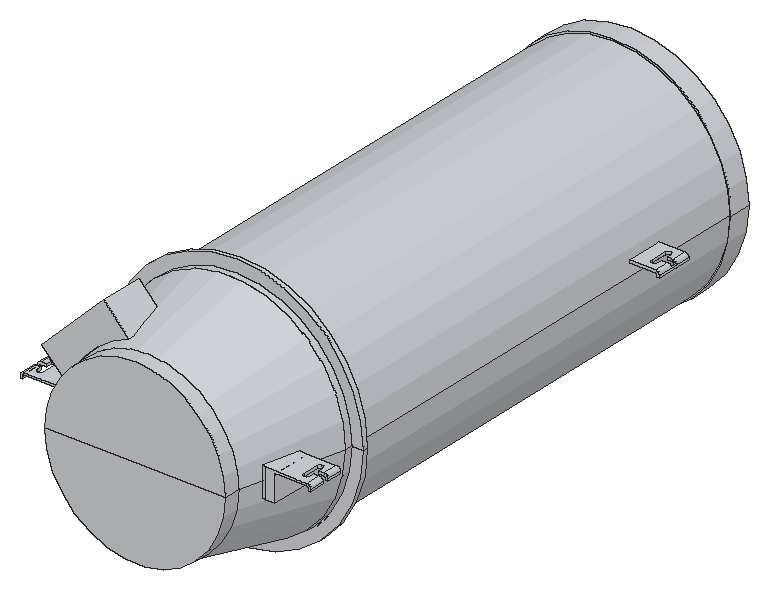
Revit family "FY-28URS2", category Mechanical Equipment, Revit 2024
Family settings
  Round Connector Dimension = Use Diameter
  Part Type = Normal
  OmniClass Number = 23.75.00.00
  OmniClass Title = Climate Control (HVAC)
  Work Plane-Based = No
  Always vertical = Yes
  Cut with Voids When Loaded = No
  Maintain Annotation Orientation = No
  Shared = No
  Room Calculation Point = No
Parameters
  Default Elevation = 0 mm
Reference planes
  plane 1 "Center (Front/Back)": y = 0
  plane 2: z = 0
  plane 3 "Center (Left/Right)": x = 0
  plane 4 "1": y = -441
Forms (mm)
  Revolve 1, solid
    sketch origin (0, 0, 0) x (1, 0, 0) y (0, 1, 0)
      loop
        line (0, -441) -> (124.246, -441) -> (124.246, -419) -> (158.446, -277.02) -> (158.446, -267.22) -> (175.246, -267.22) -> (175.246, -261) -> (160.246, -261) -> (160.246, 381) -> (162.396, 381) -> (162.396, 411) -> (124.746, 411) -> (124.746, 441) -> (0, 441) -> (0, -441)
      axis (0, 441) -> (0, -441)
    angle from 0 to 360
  Extrusion 2, solid
    sketch origin (0, 0, 0) x (1, 0, 0) y (0, 1, 0)
      loop
        line (150.246, -339) -> (143.887, -337.462) -> (131.84, -387.474) -> (138.15, -389) -> (200.246, -389) -> (200.246, -368.5) -> (187.746, -368.5) -> (187.746, -375.498)
        spline (187.746, -375.498) -> (187.708, -376.085) -> (187.593, -376.663) -> (187.404, -377.22) -> (187.144, -377.749) -> (186.817, -378.238) -> (186.429, -378.681) -> (185.986, -379.069) -> (185.497, -379.397) -> (184.969, -379.657) -> (184.411, -379.847) -> (183.834, -379.961) -> (183.246, -380)
        spline (183.246, -380) -> (182.659, -379.961) -> (182.081, -379.847) -> (181.524, -379.657) -> (180.996, -379.397) -> (180.507, -379.07) -> (180.064, -378.682) -> (179.676, -378.239) -> (179.349, -377.75) -> (179.089, -377.222) -> (178.899, -376.665) -> (178.784, -376.087) -> (178.746, -375.5)
        line (178.746, -375.5) -> (178.746, -352.504)
        spline (178.746, -352.504) -> (178.784, -351.916) -> (178.898, -351.339) -> (179.087, -350.781) -> (179.347, -350.252) -> (179.674, -349.763) -> (180.062, -349.32) -> (180.505, -348.931) -> (180.995, -348.604) -> (181.523, -348.343) -> (182.081, -348.153) -> (182.658, -348.039) -> (183.246, -348)
        spline (183.246, -348) -> (183.833, -348.038) -> (184.411, -348.153) -> (184.968, -348.343) -> (185.496, -348.603) -> (185.985, -348.93) -> (186.428, -349.318) -> (186.816, -349.761) -> (187.143, -350.25) -> (187.403, -350.778) -> (187.593, -351.335) -> (187.707, -351.913) -> (187.746, -352.5)
        line (187.746, -352.5) -> (187.746, -359.5) -> (200.246, -359.5) -> (200.246, -339) -> (150.246, -339)
    from -20 to 20
  Extrusion 3, void
    sketch origin (0, 0, 0) x (1, 0, 0) y (0, 0, 1)
      loop
        line (200.246, 20) -> (194.787, 20)
        arc (194.787, 20) -> (198.647, 18.401) -> (200.246, 14.541) r 5.459
        line (200.246, 14.541) -> (200.246, 20)
      loop
        line (196.8, 12) -> (196.8, 14.8)
        arc (196.8, 14.8) -> (196.214, 16.214) -> (194.8, 16.8) r 2
        line (194.8, 16.8) -> (153, 16.8)
        arc (153, 16.8) -> (151.352, 16.307) -> (150.246, 14.99) r 3
        line (150.246, 14.99) -> (150.246, -20) -> (200.246, -20) -> (200.246, 12) -> (196.8, 12)
    from 337.462 to 389
  Extrusion 4, solid
    sketch origin (0, 0, 0) x (-1, 0, 0) y (0, -1, 0)
      loop
        line (150.246, 339) -> (200.246, 339) -> (200.246, 359.5) -> (187.746, 359.5) -> (187.746, 352.5)
        spline (187.746, 352.5) -> (187.707, 351.913) -> (187.593, 351.335) -> (187.403, 350.778) -> (187.143, 350.25) -> (186.816, 349.761) -> (186.428, 349.318) -> (185.985, 348.93) -> (185.496, 348.603) -> (184.968, 348.343) -> (184.411, 348.153) -> (183.833, 348.038) -> (183.246, 348)
        spline (183.246, 348) -> (182.658, 348.039) -> (182.081, 348.153) -> (181.523, 348.343) -> (180.995, 348.604) -> (180.505, 348.931) -> (180.062, 349.32) -> (179.674, 349.763) -> (179.347, 350.252) -> (179.087, 350.781) -> (178.898, 351.339) -> (178.784, 351.916) -> (178.746, 352.504)
        line (178.746, 352.504) -> (178.746, 375.5)
        spline (178.746, 375.5) -> (178.784, 376.087) -> (178.899, 376.665) -> (179.089, 377.222) -> (179.349, 377.75) -> (179.676, 378.239) -> (180.064, 378.682) -> (180.507, 379.07) -> (180.996, 379.397) -> (181.524, 379.657) -> (182.081, 379.847) -> (182.659, 379.961) -> (183.246, 380)
        spline (183.246, 380) -> (183.834, 379.961) -> (184.411, 379.847) -> (184.969, 379.657) -> (185.497, 379.397) -> (185.986, 379.069) -> (186.429, 378.681) -> (186.817, 378.238) -> (187.144, 377.749) -> (187.404, 377.22) -> (187.593, 376.663) -> (187.708, 376.085) -> (187.746, 375.498)
        line (187.746, 375.498) -> (187.746, 368.5) -> (200.246, 368.5) -> (200.246, 389) -> (138.15, 389) -> (131.84, 387.474) -> (143.887, 337.462) -> (150.246, 339)
    from -20 to 20
  Extrusion 5, void
    sketch origin (0, 0, 0) x (-1, 0, 0) y (0, 0, -1)
      loop
        line (200.246, -20) -> (200.246, -14.541)
        arc (200.246, -14.541) -> (198.647, -18.401) -> (194.787, -20) r 5.459
        line (194.787, -20) -> (200.246, -20)
      loop
        line (196.8, -12) -> (200.246, -12) -> (200.246, 20) -> (150.246, 20) -> (150.246, -14.99)
        arc (150.246, -14.99) -> (151.352, -16.307) -> (153, -16.8) r 3
        line (153, -16.8) -> (194.8, -16.8)
        arc (194.8, -16.8) -> (196.214, -16.214) -> (196.8, -14.8) r 2
        line (196.8, -14.8) -> (196.8, -12)
    from 337.462 to 389
  Extrusion 6, solid
    sketch origin (0, 0, 0) x (-1, 0, 0) y (0, 0, -1)
      loop
        line (194.8, -16.8) -> (159.363, -16.8)
        arc (159.363, -16.8) -> (159.186, -18.401) -> (158.993, -20) r 160.246
        line (158.993, -20) -> (194.8, -20)
        arc (194.8, -20) -> (198.477, -18.477) -> (200, -14.8) r 5.2
        line (200, -14.8) -> (200, -12) -> (196.8, -12) -> (196.8, -14.8)
        arc (196.8, -14.8) -> (196.214, -16.214) -> (194.8, -16.8) r 2
    from -211 to -261
  Extrusion 7, void
    sketch origin (0, 0, 0) x (1, 0, 0) y (0, 1, 0)
      loop
        line (-199.754, 240.5) -> (-199.754, 231.5) -> (-187.254, 231.5) -> (-187.254, 224.504)
        arc (-187.254, 224.504) -> (-182.754, 220.004) -> (-178.254, 224.504) r 4.5
        line (-178.254, 224.504) -> (-178.254, 247.5)
        arc (-178.254, 247.5) -> (-182.754, 252) -> (-187.254, 247.5) r 4.5
        line (-187.254, 247.5) -> (-187.254, 240.5) -> (-199.754, 240.5)
    from 12 to 20
  Extrusion 8, solid
    sketch origin (0, 0, 0) x (1, 0, 0) y (0, 0, 1)
      loop
        arc (194.8, 16.8) -> (196.214, 16.214) -> (196.8, 14.8) r 2
        line (196.8, 14.8) -> (196.8, 12) -> (200, 12) -> (200, 14.8)
        arc (200, 14.8) -> (198.477, 18.477) -> (194.8, 20) r 5.2
        line (194.8, 20) -> (158.993, 20)
        arc (158.993, 20) -> (159.186, 18.401) -> (159.363, 16.8) r 160.246
        line (159.363, 16.8) -> (194.8, 16.8)
    from -211 to -261
  Extrusion 9, void
    sketch origin (0, 0, 0) x (-1, 0, 0) y (0, -1, 0)
      loop
        line (-199.754, -240.5) -> (-187.254, -240.5) -> (-187.254, -247.5)
        arc (-187.254, -247.5) -> (-182.754, -252) -> (-178.254, -247.5) r 4.5
        line (-178.254, -247.5) -> (-178.254, -224.504)
        arc (-178.254, -224.504) -> (-182.754, -220.004) -> (-187.254, -224.504) r 4.5
        line (-187.254, -224.504) -> (-187.254, -231.5) -> (-199.754, -231.5) -> (-199.754, -240.5)
    from 12 to 20
  Extrusion 10, solid
    sketch origin (0, 0, 0) x (1, 0, 0) y (0, 0, 1)
      loop
        line (-38.258, 123.11) -> (-73.613, 158.466) -> (-158.466, 73.613) -> (-123.11, 38.257)
        arc (-123.11, 38.257) -> (-90.236, 90.236) -> (-38.258, 123.11) r 140
    from 404 to 344
Cuts and joins
  Extrusion 3 cuts Revolve 1
  Extrusion 3, Extrusion 5 cuts Extrusion 2
  Extrusion 5 cuts Extrusion 4
  Extrusion 7, Extrusion 9 cuts Extrusion 6
  Extrusion 9 cuts Extrusion 8
Dimensions and locks
  aligned and locked: level to plane 2
Connectors
  hvac at (0, 441, 0)
    settings: on cut or joined group of Revolve 1, Extrusion 3, index 1, duct flow 0.0 L/s, flow factor 0, pres drop 0.0 Pa, loss coef 0, conn angle 0.00°, conn width 304.8 mm, conn height 304.8 mm, conn diameter 250 mm, duct sys type 3, conn prof type 0, flow config 0, flow direction 0, loss method 0, conn ref index -1, conn util no, is conn primary yes, conn desc ""
  hvac at (0, -441, 0)
    settings: index 2, duct flow 0.0 L/s, flow factor 0, pres drop 0.0 Pa, loss coef 0, conn angle 0.00°, conn width 304.8 mm, conn height 304.8 mm, conn diameter 250 mm, duct sys type 3, conn prof type 0, flow config 0, flow direction 0, loss method 0, conn ref index -1, conn util no, is conn primary no, conn desc ""
